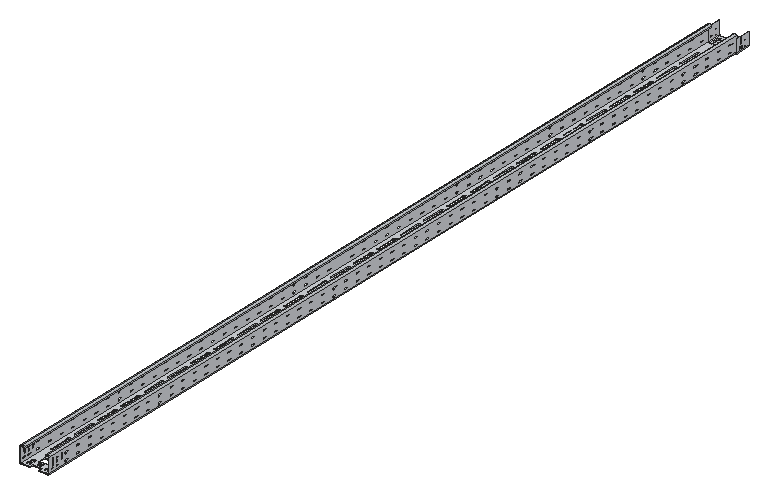
Revit family "Kabelrinne MKS Magic-MKSM Kabelrinne 1 mm, FT,FS", category Generic Models, Revit 2017 (continued)
Dimensions and locks
  aligned and locked: cut or joined group 1 (Extrusion 1, Extrusion 3, Extrusion 4, Extrusion 5, Extrusion 6, Extrusion 7, Extrusion 8, Extrusion 9, Extrusion 10, Extrusion 11, Extrusion 12, Extrusion 13, Extrusion 14, Extrusion 30, Extrusion 31, Extrusion 32, Extrusion 33, Extrusion 34, Extrusion 35, Extrusion 36, Extrusion 37, Extrusion 38, Extrusion 39, Extrusion 40, Extrusion 41, Extrusion 42, Extrusion 43, Extrusion 44, Extrusion 45, Extrusion 46, Extrusion 47, Extrusion 48, Extrusion 49, Extrusion 50, Extrusion 51, Extrusion 52, Extrusion 53, Extrusion 54, Extrusion 55, Extrusion 56, Extrusion 57, Extrusion 58, Extrusion 59, Extrusion 60, Extrusion 61, Extrusion 62, Extrusion 63, Extrusion 64, Extrusion 65, Extrusion 66, Extrusion 67, Extrusion 68, Extrusion 69, Extrusion 70, Extrusion 71, Extrusion 72, Extrusion 73, Extrusion 74, Extrusion 75, Extrusion 76, Extrusion 77, Extrusion 78, Extrusion 79, Extrusion 80, Extrusion 81, Extrusion 82, Extrusion 83, Extrusion 84, Extrusion 85, Extrusion 86, Extrusion 87, Extrusion 88, Extrusion 89, Extrusion 90, Extrusion 91, Extrusion 92, Extrusion 93, Extrusion 94, Extrusion 95, Extrusion 96, Extrusion 97, Extrusion 98, Extrusion 99, Extrusion 100, Extrusion 101, Extrusion 102, Extrusion 103, Extrusion 104, Extrusion 105, Extrusion 106, Extrusion 107, Extrusion 108, Extrusion 109, Extrusion 110, Extrusion 111, Extrusion 112, Extrusion 113, Extrusion 114, Extrusion 115, Extrusion 116, Extrusion 117, Extrusion 118, Extrusion 119, Extrusion 120, Extrusion 121, Extrusion 122, Extrusion 123, Extrusion 124, Extrusion 125, Extrusion 126, Extrusion 127, Extrusion 128, Extrusion 129, Extrusion 130, Extrusion 131, Extrusion 132, Extrusion 133, Extrusion 134, Extrusion 135, Extrusion 136, Extrusion 137, Extrusion 138, Extrusion 139, Extrusion 140, Extrusion 141, Extrusion 142, Extrusion 143, Extrusion 144, Extrusion 145, Extrusion 146, Extrusion 147, Extrusion 148, Extrusion 149, Extrusion 150, Extrusion 151, Extrusion 152, Extrusion 153, Extrusion 154, Extrusion 155, Extrusion 156, Extrusion 157, Extrusion 158, Extrusion 159, Extrusion 160, Extrusion 161, Extrusion 162, Extrusion 163, Extrusion 164, Extrusion 165, Extrusion 166, Extrusion 167, Extrusion 168, Extrusion 169, Extrusion 170, Extrusion 171, Extrusion 172, Extrusion 173, Extrusion 174, Extrusion 175, Extrusion 176, Extrusion 177, Extrusion 178, Extrusion 179, Extrusion 180, Extrusion 181, Extrusion 182, Extrusion 183, Extrusion 184, Extrusion 185, Extrusion 186, Extrusion 187, Extrusion 188, Extrusion 189, Extrusion 190, Extrusion 191, Extrusion 192, Extrusion 193, Extrusion 194, Extrusion 195, Extrusion 196, Extrusion 197, Extrusion 198, Extrusion 199, Extrusion 200, Extrusion 201, Extrusion 202, Extrusion 203, Extrusion 204, Extrusion 205, Extrusion 206, Extrusion 207, Extrusion 208, Extrusion 209, Extrusion 210, Extrusion 211, Extrusion 212, Extrusion 213, Extrusion 214, Extrusion 215, Extrusion 216, Extrusion 217, Extrusion 218, Extrusion 219, Extrusion 220, Extrusion 221, Extrusion 222, Extrusion 223, Extrusion 224, Extrusion 225, Extrusion 226, Extrusion 227, Extrusion 228, Extrusion 229, Extrusion 230, Extrusion 231, Extrusion 232, Extrusion 233, Extrusion 234, Extrusion 235, Extrusion 236, Extrusion 237, Extrusion 238, Extrusion 239, Extrusion 240, Extrusion 241, Extrusion 242, Extrusion 243, Extrusion 244, Extrusion 245, Extrusion 246, Extrusion 247, Extrusion 248, Extrusion 249, Extrusion 250, Extrusion 251, Extrusion 252, Extrusion 253, Extrusion 254, Extrusion 255, Extrusion 256, Extrusion 257, Extrusion 258, Extrusion 259, Extrusion 260, Extrusion 262, Extrusion 263, Extrusion 264, Extrusion 265, Extrusion 266, Extrusion 267, Extrusion 268, Extrusion 269, Extrusion 270, Extrusion 271, Extrusion 272, Extrusion 273, Extrusion 274, Extrusion 275, Extrusion 276, Extrusion 277, Extrusion 278, Extrusion 279, Extrusion 280, Extrusion 281, Extrusion 282, Extrusion 283, Extrusion 284, Extrusion 285, Extrusion 286, Extrusion 287, Extrusion 288, Extrusion 289, Extrusion 290, Extrusion 291, Extrusion 292, Extrusion 293, Extrusion 294, Extrusion 295, Extrusion 296, Extrusion 297, Extrusion 298, Extrusion 299, Extrusion 300, Extrusion 301, Extrusion 302, Extrusion 303, Extrusion 304, Extrusion 305, Extrusion 306, Extrusion 307, Extrusion 308, Extrusion 309, Extrusion 310, Extrusion 311, Extrusion 312, Extrusion 313, Extrusion 314, Extrusion 315, Extrusion 316, Extrusion 317, Extrusion 318, Extrusion 319, Extrusion 320, Extrusion 321, Extrusion 322, Extrusion 323, Extrusion 324, Extrusion 325, Extrusion 326, Extrusion 327, Extrusion 328, Extrusion 329, Extrusion 330, Extrusion 331, Extrusion 332, Extrusion 333, Extrusion 334, Extrusion 335, Extrusion 336, Extrusion 337, Extrusion 338, Extrusion 339, Extrusion 340, Extrusion 341, Extrusion 342, Extrusion 343, Extrusion 344, Extrusion 345, Extrusion 346, Extrusion 347, Extrusion 348, Extrusion 349, Extrusion 350, Extrusion 352, Extrusion 354, Extrusion 355, Extrusion 356, Extrusion 357, Extrusion 358, Extrusion 359, Extrusion 360, Extrusion 361, Extrusion 362, Extrusion 363, Extrusion 364, Extrusion 365, Extrusion 366, Extrusion 367, Extrusion 368, Extrusion 369, Extrusion 370, Extrusion 371, Extrusion 372, Extrusion 373, Extrusion 374, Extrusion 375, Extrusion 376, Extrusion 377, Extrusion 378, Extrusion 379, Extrusion 380, Extrusion 381, Extrusion 382, Extrusion 383, Extrusion 384, Extrusion 385, Extrusion 386, Extrusion 387, Extrusion 388, Extrusion 389, Extrusion 390, Extrusion 391, Extrusion 392, Extrusion 393, Extrusion 394, Extrusion 395, Extrusion 396, Extrusion 397, Extrusion 398, Extrusion 399, Extrusion 400, Extrusion 401, Extrusion 402, Extrusion 403, Extrusion 404, Extrusion 405, Extrusion 406, Extrusion 407, Extrusion 408, Extrusion 409, Extrusion 410, Extrusion 411) to Extrusion 10
  aligned and locked: Extrusion 2 to cut or joined group 1
  aligned and locked: Extrusion 1 to Extrusion 11  (x2)
  aligned and locked: Extrusion 1 to Extrusion 12  (x2)
  aligned and locked: Extrusion 1 to Extrusion 13  (x2)
  aligned and locked: Extrusion 1 to Extrusion 14  (x2)
  aligned and locked: Extrusion 2 to Extrusion 15  (x2)
  aligned and locked: Extrusion 2 to Extrusion 16  (x2)
  aligned and locked: Extrusion 2 to Extrusion 17  (x2)
  aligned and locked: Extrusion 18 to Extrusion 2
  aligned and locked: Extrusion 2 to Extrusion 18  (x3)
  aligned and locked: Extrusion 18 to Extrusion 17
  aligned and locked: Extrusion 2 to Extrusion 20  (x2)
  aligned and locked: Extrusion 2 to Extrusion 19  (x2)
  aligned and locked: Extrusion 2 to Extrusion 21  (x2)
  aligned and locked: cut or joined group 2 (Extrusion 2, Extrusion 15, Extrusion 16, Extrusion 17, Extrusion 18, Extrusion 19, Extrusion 20, Extrusion 21, Extrusion 22, Extrusion 23, Extrusion 24, Extrusion 25, Extrusion 26, Extrusion 27, Extrusion 28, Extrusion 29, Extrusion 261, Extrusion 264) to Extrusion 22
  aligned and locked: Extrusion 22 to cut or joined group 1
  aligned and locked: Extrusion 2 to Extrusion 23  (x2)
  aligned and locked: Extrusion 2 to Extrusion 24
  aligned and locked: Extrusion 24 to cut or joined group 1
  aligned and locked: Extrusion 25 to plane 7
  aligned and locked: plane 8 to Extrusion 25
  aligned and locked: Extrusion 26 to plane 7
  aligned and locked: plane 8 to Extrusion 26
  aligned and locked: Extrusion 27 to plane 7
  aligned and locked: plane 8 to Extrusion 27
  aligned and locked: Extrusion 28 to plane 7
  aligned and locked: plane 8 to Extrusion 28
  aligned and locked: Extrusion 29 to plane 7
  aligned and locked: plane 8 to Extrusion 29
  aligned and locked: Extrusion 9 to cut or joined group 2
  aligned and locked: Extrusion 1 to Extrusion 30  (x2)
  aligned and locked: cut or joined group 1 to cut or joined group of Extrusion 1, Extrusion 3, Extrusion 4, Extrusion 5, Extrusion 6, Extrusion 7, Extrusion 8, Extrusion 9, Extrusion 10, Extrusion 11, Extrusion 12, Extrusion 13, Extrusion 14, Extrusion 30, Extrusion 31, Extrusion 32, Extrusion 33, Extrusion 34, Extrusion 35, Extrusion 36, Extrusion 37, Extrusion 38, Extrusion 39, Extrusion 40, Extrusion 41, Extrusion 42, Extrusion 43, Extrusion 44, Extrusion 45, Extrusion 46, Extrusion 47, Extrusion 48, Extrusion 49, Extrusion 50, Extrusion 51, Extrusion 52, Extrusion 53, Extrusion 54, Extrusion 55, Extrusion 56, Extrusion 57, Extrusion 58, Extrusion 59, Extrusion 60, Extrusion 61, Extrusion 62, Extrusion 63, Extrusion 64, Extrusion 65, Extrusion 66, Extrusion 67, Extrusion 68, Extrusion 69, Extrusion 70, Extrusion 71, Extrusion 72, Extrusion 73, Extrusion 74, Extrusion 75, Extrusion 76, Extrusion 77, Extrusion 78, Extrusion 79, Extrusion 80, Extrusion 81, Extrusion 82, Extrusion 83, Extrusion 84, Extrusion 85, Extrusion 86, Extrusion 87, Extrusion 88, Extrusion 89, Extrusion 90, Extrusion 91, Extrusion 92, Extrusion 93, Extrusion 94, Extrusion 95, Extrusion 96, Extrusion 97, Extrusion 98, Extrusion 99, Extrusion 100, Extrusion 101, Extrusion 102, Extrusion 103, Extrusion 104, Extrusion 105, Extrusion 106, Extrusion 107, Extrusion 108, Extrusion 109, Extrusion 110, Extrusion 111, Extrusion 112, Extrusion 113, Extrusion 114, Extrusion 115, Extrusion 116, Extrusion 117, Extrusion 118, Extrusion 119, Extrusion 120, Extrusion 121, Extrusion 122, Extrusion 123, Extrusion 124, Extrusion 125, Extrusion 126, Extrusion 127, Extrusion 128, Extrusion 129, Extrusion 130, Extrusion 131, Extrusion 132, Extrusion 133, Extrusion 134, Extrusion 135, Extrusion 136, Extrusion 137, Extrusion 138, Extrusion 139, Extrusion 140, Extrusion 141, Extrusion 142, Extrusion 143, Extrusion 144, Extrusion 145, Extrusion 146, Extrusion 147, Extrusion 148, Extrusion 149, Extrusion 150, Extrusion 151, Extrusion 152, Extrusion 153, Extrusion 154, Extrusion 155, Extrusion 156, Extrusion 157, Extrusion 158, Extrusion 159, Extrusion 160, Extrusion 161, Extrusion 162, Extrusion 163, Extrusion 164, Extrusion 16
    5, Extrusion 166, Extrusion 167, Extrusion 168, Extrusion 169, Extrusion 170, Extrusion 171, Extrusion 172, Extrusion 173, Extrusion 174, Extrusion 175, Extrusion 176, Extrusion 177, Extrusion 178, Extrusion 179, Extrusion 180, Extrusion 181, Extrusion 182, Extrusion 183, Extrusion 184, Extrusion 185, Extrusion 186, Extrusion 187, Extrusion 188, Extrusion 189, Extrusion 190, Extrusion 191, Extrusion 192, Extrusion 193, Extrusion 194, Extrusion 195, Extrusion 196, Extrusion 197, Extrusion 198, Extrusion 199, Extrusion 200, Extrusion 201, Extrusion 202, Extrusion 203, Extrusion 204, Extrusion 205, Extrusion 206, Extrusion 207, Extrusion 208, Extrusion 209, Extrusion 210, Extrusion 211, Extrusion 212, Extrusion 213, Extrusion 214, Extrusion 215, Extrusion 216, Extrusion 217, Extrusion 218, Extrusion 219, Extrusion 220, Extrusion 221, Extrusion 222, Extrusion 223, Extrusion 224, Extrusion 225, Extrusion 226, Extrusion 227, Extrusion 228, Extrusion 229, Extrusion 230, Extrusion 231, Extrusion 232, Extrusion 233, Extrusion 234, Extrusion 235, Extrusion 236, Extrusion 237, Extrusion 238, Extrusion 239, Extrusion 240, Extrusion 241, Extrusion 242, Extrusion 243, Extrusion 244, Extrusion 245, Extrusion 246, Extrusion 247, Extrusion 248, Extrusion 249, Extrusion 250, Extrusion 251, Extrusion 252, Extrusion 253, Extrusion 254, Extrusion 255, Extrusion 256, Extrusion 257, Extrusion 258, Extrusion 259, Extrusion 260, Extrusion 262, Extrusion 263, Extrusion 264, Extrusion 265, Extrusion 266, Extrusion 267, Extrusion 268, Extrusion 269, Extrusion 270, Extrusion 271, Extrusion 272, Extrusion 273, Extrusion 274, Extrusion 275, Extrusion 276, Extrusion 277, Extrusion 278, Extrusion 279, Extrusion 280, Extrusion 281, Extrusion 282, Extrusion 283, Extrusion 284, Extrusion 285, Extrusion 286, Extrusion 287, Extrusion 288, Extrusion 289, Extrusion 290, Extrusion 291, Extrusion 292, Extrusion 293, Extrusion 294, Extrusion 295, Extrusion 296, Extrusion 297, Extrusion 298, Extrusion 299, Extrusion 300, Extrusion 301, Extrusion 302, Extrusion 303, Extrusion 304, Extrusion 305, Extrusion 306, Extrusion 307, Extrusion 308, Extrusion 309, Extrusion 310, Extrusion 311, Extrusion 312, Extrusion 313, Extrusion 314, Extrusion 315, Extrusion 316, Extrusion 317, Extrusion 318, Extrusion 319, Extrusion 320, Extrusion 321, Extrusion 322, Extrusion 323, Extrusion 324, Extrusion 325, Extrusion 326, Extrusion 327, Extrusion 328, Extrusion 329, Extrusion 330, Extrusion 331, Extrusion 332, Extrusion 333, Extrusion 334, Extrusion 335, Extrusion 336, Extrusion 337, Extrusion 338, Extrusion 339, Extrusion 340, Extrusion 341, Extrusion 342, Extrusion 343, Extrusion 344, Extrusion 345, Extrusion 346, Extrusion 347, Extrusion 348, Extrusion 349, Extrusion 350, Extrusion 352, Extrusion 354, Extrusion 355, Extrusion 356, Extrusion 357, Extrusion 358, Extrusion 359, Extrusion 360, Extrusion 361, Extrusion 362, Extrusion 363, Extrusion 364, Extrusion 365, Extrusion 366, Extrusion 367, Extrusion 368, Extrusion 369, Extrusion 370, Extrusion 371, Extrusion 372, Extrusion 373, Extrusion 374, Extrusion 375, Extrusion 376, Extrusion 377, Extrusion 378, Extrusion 379, Extrusion 380, Extrusion 381, Extrusion 382, Extrusion 383, Extrusion 384, Extrusion 385, Extrusion 386, Extrusion 387, Extrusion 388, Extrusion 389, Extrusion 390, Extrusion 391, Extrusion 392, Extrusion 393, Extrusion 394, Extrusion 395, Extrusion 396, Extrusion 397, Extrusion 398, Extrusion 399, Extrusion 400, Extrusion 401, Extrusion 402, Extrusion 403, Extrusion 404, Extrusion 405, Extrusion 406, Extrusion 407, Extrusion 408, Extrusion 409, Extrusion 410, Extrusion 411  (x59)
  aligned and locked: Extrusion 1 to Extrusion 88
  aligned and locked: cut or joined group 2 to cut or joined group 1  (x2)
  aligned and locked: cut or joined group 2 to cut or joined group 2  (x2)
  aligned and locked: Extrusion 1 to Extrusion 145  (x2)
  aligned and locked: Extrusion 1 to Extrusion 146
  aligned and locked: plane 53 to Extrusion 261 sketch curve
  aligned and locked: Extrusion 261 to plane 7
  aligned and locked: Extrusion 262 to level
  aligned and locked: Extrusion 263 to level
  aligned and locked: Extrusion 264 to plane 7
  aligned and locked: level to cut or joined group 1
  aligned and locked: plane 10 to cut or joined group 1
  aligned and locked: Extrusion 322 to level
